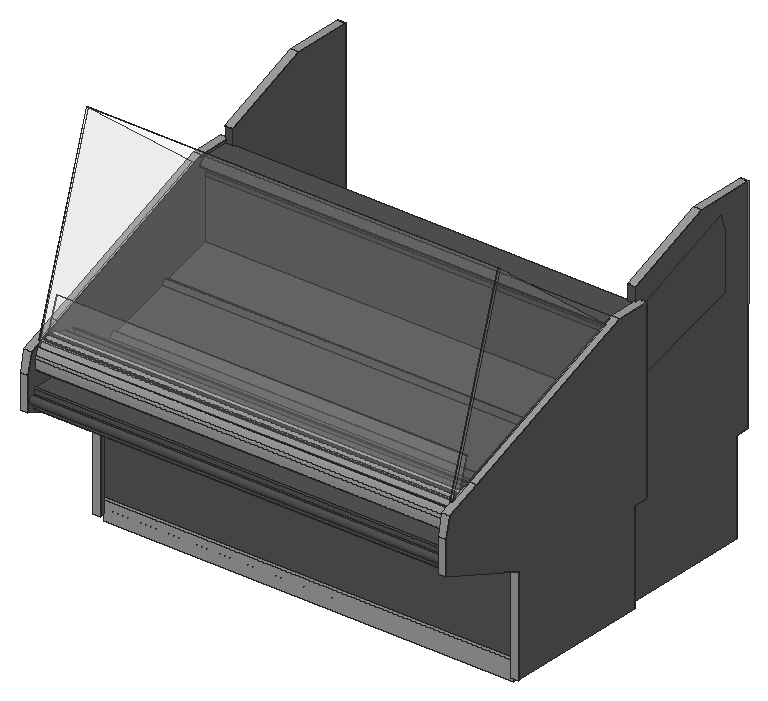
Revit family "DSFI-AG_2014", category Specialty Equipment, Revit 2014
Parameters (values of type "5'-0" Length")
  Width = 60"
  Waste Drain = 1 1/2"  # constant formula
  URL = "www.hussmann.com"
  Type Comments = "Service / Self Service Seafood"  # constant formula
  Trim = Stainless Steel
  Total Weight = Case Weight + (2 * End Weight)  # 0.00 lbf
  Splashguard = Stainless Steel
  Side Panel - Right [instance] = yes
  Side Panel - Left [instance] = yes
  Shelves = Sheet Metal (Steel Painted) - 701 Black
  Revit Family Date = "08/11/2015"  # constant formula
  Refrigeration Lines Suction = 5/8"  # constant formula
  Refrigeration Lines Liquid = 3/8"  # constant formula
  Refrig. Suction = "Suction"
  Refrig. Liquid = "Liquid"
  Note from Manufacturer = "This model only comes in 2'-0\", 3'-0\", 4'-0\", and 5'-0\" length."
  Model URL = "http://www.hussmann.com/en/product%20viewer/display-cases/DSF,%20DSFI"
  Model = "DSFI"  # constant formula
  Manufacturer Disclaimer = "The information in this file is not intended to be an exact representation of the corresponding Hussmann product.  Further, we reserve the right to change or revise specifications and product design in connection with any feature of our products. Such changes do not entitle the buyer to corresponding changes, improvements, additions, or replacements for equipment previously sold or shipped."  # constant formula
  Manufacturer = "Hussmann Corporation"  # constant formula
  Light [instance] = no
  Height = 45 5/8"  # constant formula
  Glazing = Glass
  Ends = Textured Sheet Metal (Steel Painted) - 701 Black
  End Weight = 0.00 lbf  # constant formula
  Door Frame = Stainless Steel
  Description = "Medium Depth Service Merchandiser for Fresh Seafood Applications"  # constant formula
  Depth = 55 7/8"  # constant formula
  Cutsheet URL = "http://www.hussmann.com/en/Technical%20Documents/DSF_102013_En.pdf"
  Close Off Panel = Textured Sheet Metal (Steel Painted) - 701 Black
  Case Weight = 0.00 lbf
  Case Interior - Side Panel = Sheet Metal (Steel Painted) - 701 Black
  Case Interior - Back Panel = Sheet Metal (Steel Painted) - 701 Black
  Case = Textured Sheet Metal (Steel Painted) - 701 Black
  Bumper = Extruded PVC - 701 Black
  Assembly Code = ""
  Angled Side Panel - Right [instance] = yes
  Angled Side Panel - Left [instance] = yes
  Accessories/Options = ""
Types (4): name | Width
  2'-0" Length | 24"
  3'-0" Length | 36"
  4'-0" Length | 48"
  5'-0" Length | 60"
Reference planes (in)
  plane 1 "Back": y = 0
  plane 2 "Bottom": z = 0
  plane 3 "Top": z = 45.625
  plane 4 "Left": x = -77.30699
  plane 5 "Front": y = -55.875
  plane 6 "Center (Left/Right)": x = -47.30699
  plane 7 "Right": x = -17.30699
  plane 8: y = -20
  plane 9: x = -76.18199
  plane 10: x = -18.43199
  plane 11: x = -16.18199
  plane 12: x = -78.43199
Forms (in)
  Extrusion 1, solid, material "Metal - Copper"
    sketch origin (63.3125, 1.04319, 0) x (1, 0, 0) y (0, 1, 0)
      loop
        circle (-110.61949, -25.79319) r 0.625
      loop
        arc (-110.61949, -26.37839) -> (-110.20569, -26.20699) -> (-110.03429, -25.79319) r 0.5852
        arc (-110.03429, -25.79319) -> (-110.20569, -25.37939) -> (-110.61949, -25.20799) r 0.5852
        arc (-110.61949, -25.20799) -> (-111.03329, -25.37939) -> (-111.20469, -25.79319) r 0.5852
        arc (-111.20469, -25.79319) -> (-111.03329, -26.20699) -> (-110.61949, -26.37839) r 0.5852
    from 14.6845 to 0
  Extrusion 2, solid, material "Textured Sheet Metal (Steel Painted) - 701 Black" <- "Case"
    sketch origin (-47.30699, 0, 0) x (0, 1, 0) y (0, 0, 1)
      loop
        arc (-24.83381, 38.88201) -> (-24.84545, 38.85617) -> (-24.83705, 38.8291) r 0.04
        line (-24.83705, 38.8291) -> (-24.63256, 38.56737) -> (-23.8815, 38.56737) -> (-23.8815, 37.73709) -> (-23.71075, 37.02406) -> (-23.71075, 24.17311) -> (-21.664, 24.17311) -> (-21.664, 17.24909) -> (-23.01848, 17.22162) -> (-23.01848, 16.77724) -> (-26.95598, 16.77724) -> (-26.95598, 17.23414) -> (-41.48302, 17.74647) -> (-49.4473, 21.1271)
        arc (-49.4473, 21.1271) -> (-49.46059, 21.13816) -> (-49.46558, 21.15472) r 0.03
        line (-49.46558, 21.15472) -> (-49.46558, 27.03985) -> (-49.40419, 27.03375) -> (-49.38226, 27.28432) -> (-49.38226, 28.14614)
        arc (-49.38226, 28.14614) -> (-49.3971, 28.18748) -> (-49.43484, 28.20995) r 0.065
        line (-49.43484, 28.20995) -> (-51.24815, 28.56307) -> (-51.24815, 24.17402) -> (-51.31227, 24.17402) -> (-51.31227, 23) -> (-54.8155, 23)
        arc (-54.8155, 23) -> (-54.93783, 22.94933) -> (-54.9885, 22.827) r 0.173
        line (-54.9885, 22.827) -> (-54.9885, 20.2589)
        arc (-54.9885, 20.2589) -> (-54.98127, 20.23596) -> (-54.96218, 20.22131) r 0.04
        line (-54.96218, 20.22131) -> (-52.47331, 19.31544) -> (-52.41455, 19.47688) -> (-41.12442, 14.6845) -> (-21.535, 14.6845) -> (-21.535, 16.1845) -> (-20.035, 16.1845) -> (-20.035, 14.5595) -> (-20.535, 14.5595) -> (-20.535, 14.5245) -> (-20.035, 14.5245)
        arc (-20.035, 14.5245) -> (-20.01025, 14.53475) -> (-20, 14.5595) r 0.035
        line (-20, 14.5595) -> (-20, 35.78652) -> (-19.88, 35.78652) -> (-19.88, 39.73945)
        arc (-19.88, 39.73945) -> (-19.89172, 39.76773) -> (-19.92, 39.77945) r 0.04
        line (-19.92, 39.77945) -> (-23.93623, 39.77945) -> (-24.83381, 38.88201)
    from 30 to -30
  Extrusion 3, solid, material "Sheet Metal (Steel Painted) - 701 Black" <- "Shelves"
    sketch origin (-47.30699, 0, 0) x (0, 1, 0) y (0, 0, 1)
      loop
        line (-41.19832, 23.49654) -> (-43.99815, 22.6937) -> (-46.94421, 24.39461)
        arc (-46.94421, 24.39461) -> (-46.9635, 24.40261) -> (-46.98421, 24.40533) r 0.08
        line (-46.98421, 24.40533) -> (-47.72215, 24.40533) -> (-47.72215, 27.8125) -> (-48.07156, 27.89699) -> (-48.08284, 27.85034) -> (-47.77015, 27.77472) -> (-47.77015, 24.34277) -> (-49.46558, 24.34277) -> (-49.46558, 24.15527) -> (-46.90465, 24.15527) -> (-44.02297, 22.49153) -> (-23.71075, 28.31597) -> (-23.71075, 28.51102) -> (-30.43328, 26.58337) -> (-31.22918, 27.02455) -> (-31.67036, 26.22864) -> (-39.96124, 23.85127) -> (-40.75714, 24.29245) -> (-41.19832, 23.49654)
    from 30 to -30
  Extrusion 4, solid, material "Stainless Steel" <- "Door Frame"
    sketch origin (-47.30699, 0, 0) x (0, 1, 0) y (0, 0, 1)
      loop
        arc (-54.27971, 28.0768) -> (-54.54483, 27.67871) -> (-54.74164, 27.24278) r 2.92923
        arc (-54.74164, 27.24278) -> (-54.80893, 26.99713) -> (-54.83876, 26.74418) r 1.7
        arc (-54.83876, 26.74418) -> (-54.83124, 26.00798) -> (-54.74644, 25.27664) r 7
        arc (-54.74644, 25.27664) -> (-54.73588, 25.25814) -> (-54.71588, 25.25082) r 0.031
        line (-54.71588, 25.25082) -> (-51.24815, 25.25082) -> (-51.24815, 28.3709) -> (-51.30565, 28.3709) -> (-51.30565, 28.8335) -> (-51.34502, 28.8335)
        arc (-51.34502, 28.8335) -> (-51.33489, 28.8539) -> (-51.34142, 28.87573) r 0.03104
        arc (-51.34142, 28.87573) -> (-51.67966, 28.9398) -> (-52.01791, 28.87573) r 0.92486
        arc (-52.01791, 28.87573) -> (-52.02444, 28.8539) -> (-52.01431, 28.8335) r 0.03104
        line (-52.01431, 28.8335) -> (-52.09459, 28.8335) -> (-52.13242, 28.72362) -> (-52.13242, 28.14452)
        arc (-52.13242, 28.14452) -> (-52.13819, 28.1306) -> (-52.15211, 28.12484) r 0.01969
        line (-52.15211, 28.12484) -> (-52.61155, 28.12484)
        arc (-52.61155, 28.12484) -> (-52.67229, 28.16542) -> (-52.65804, 28.23707) r 0.06575
        arc (-52.65804, 28.23707) -> (-52.58365, 28.44728) -> (-52.70028, 28.63733) r 0.25886
        arc (-52.70028, 28.63733) -> (-52.71809, 28.66695) -> (-52.70566, 28.69921) r 0.03937
        arc (-52.70566, 28.69921) -> (-52.62057, 28.74055) -> (-52.52704, 28.75476) r 0.31496
        line (-52.52704, 28.75476) -> (-52.47346, 28.75476)
        arc (-52.47346, 28.75476) -> (-52.45828, 28.75962) -> (-52.44874, 28.7724) r 0.02615
        line (-52.44874, 28.7724) -> (-52.436, 28.80939)
        arc (-52.436, 28.80939) -> (-52.43839, 28.82587) -> (-52.4532, 28.8335) r 0.01819
        line (-52.4532, 28.8335) -> (-53.30118, 28.8335)
        arc (-53.30118, 28.8335) -> (-53.32001, 28.82975) -> (-53.33597, 28.81908) r 0.04921
        line (-53.33597, 28.81908) -> (-53.39753, 28.75752)
        arc (-53.39753, 28.75752) -> (-53.4082, 28.74156) -> (-53.41195, 28.72273) r 0.04921
        line (-53.41195, 28.72273) -> (-53.41195, 28.68586) -> (-53.53006, 28.68586)
        arc (-53.53006, 28.68586) -> (-53.61116, 28.67192) -> (-53.68295, 28.6317) r 0.24288
        line (-53.68295, 28.6317) -> (-54.26327, 26.84564) -> (-54.56282, 26.94297) -> (-54.24042, 27.93081) -> (-54.20032, 28.05423)
        arc (-54.20032, 28.05423) -> (-54.20275, 28.07365) -> (-54.21923, 28.0842) r 0.02304
        line (-54.21923, 28.0842) -> (-54.25112, 28.0884)
        arc (-54.25112, 28.0884) -> (-54.26695, 28.08638) -> (-54.27971, 28.0768) r 0.03125
    from 30 to -30
  Extrusion 5, solid, material "Extruded PVC - 701 Black" <- "Bumper"
    sketch origin (-47.30699, 0, 0) x (0, 1, 0) y (0, 0, 1)
      loop
        arc (-55.3635, 22.25013) -> (-55.926, 21.68763) -> (-55.3635, 21.12513) r 0.5625
        line (-55.3635, 21.12513) -> (-54.9885, 21.12513) -> (-54.9885, 22.25013) -> (-55.3635, 22.25013)
    from 30 to -30
  Extrusion 6, solid, material "Textured Sheet Metal (Steel Painted) - 701 Black" <- "Close Off Panel"
    sketch origin (-47.30699, 0, -0.03125) x (0, 1, 0) y (0, 0, 1)
      loop
        line (-21.90759, 13.89928) -> (-21.92951, 14.14985) -> (-21.96438, 14.1468) -> (-21.94259, 13.89775) -> (-21.94259, 3.16349) -> (-21.90759, 3.16349) -> (-21.90759, 13.89928)
      loop
        line (-42.21942, 15.18055) -> (-42.21942, 0.86215) -> (-42.18442, 0.86215) -> (-42.18442, 15.16569) -> (-42.21942, 15.18055)
    from 30 to -30
  Extrusion 7, solid, material "Stainless Steel" <- "Splashguard"
    sketch origin (-47.30699, 0, -0.03125) x (0, 1, 0) y (0, 0, 1)
      loop
        line (-42.3003, 2.81625) -> (-42.3003, 0.03125) -> (-41.7653, 0.03125) -> (-41.7653, 0.06625) -> (-42.2653, 0.06625) -> (-42.2653, 2.81625) -> (-42.22346, 3.12587) -> (-42.25765, 3.13054) -> (-42.3003, 2.81625)
      loop
        line (-21.95357, 0.50112) -> (-21.6158, 0.09858) -> (-21.23395, 0.03125) -> (-21.22787, 0.06572) -> (-21.59718, 0.13084) -> (-21.91857, 0.51386) -> (-21.91857, 2.88864) -> (-21.94049, 3.14096) -> (-21.97536, 3.13791) -> (-21.95357, 2.88886) -> (-21.95357, 0.50112)
    from 30 to -30
  Extrusion 8, solid, material "Textured Sheet Metal (Steel Painted) - 701 Black" <- "Ends", visible <- "Angled Side Panel - Right"
    sketch origin (-17.30699, 0, 0) x (0, 0, 1) y (0, -1, 0)
      loop
        line (14.37303, -0.54843) -> (46.74598, -0.54843) -> (46.74598, 7.99475) -> (41.96199, 20) -> (0.83628, 20) -> (0.83628, 1.54444) -> (14.37303, 1.54444) -> (14.37303, -0.54843)
    from 0 to -1.125
  Extrusion 9, solid, material "Textured Sheet Metal (Steel Painted) - 701 Black" <- "Ends", visible <- "Angled Side Panel - Left"
    sketch origin (-77.30699, 0, 0) x (0, 1, 0) y (0, 0, 1)
      loop
        line (0.54843, 46.74598) -> (-7.99475, 46.74598) -> (-20, 41.96199) -> (-20, 0.83628) -> (-1.54444, 0.83628) -> (-1.54444, 14.37303) -> (0.54843, 14.37303) -> (0.54843, 46.74598)
    from 1.125 to 0
  Extrusion 10, solid, material "Glass" <- "Glazing"
    sketch origin (-47.30699, 0, -0.03125) x (0, 1, 0) y (0, 0, 1)
      loop
        line (-45.2329, 55.56114) -> (-54.50341, 27.02943) -> (-54.48319, 26.98974) -> (-54.30533, 26.93195) -> (-54.26565, 26.95218) -> (-44.99513, 55.48389) -> (-45.2329, 55.56114)
      loop
        line (-52.58841, 28.27709) -> (-52.564, 28.22704) -> (-52.4151, 28.17577) -> (-52.36506, 28.20018) -> (-50.59622, 33.33725) -> (-50.81957, 33.41415) -> (-52.58841, 28.27709)
    from 30 to -30
  Extrusion 11, solid, material "Textured Sheet Metal (Steel Painted) - 701 Black" <- "Case", visible <- "Light"
    sketch origin (-47.30699, 0, 0) x (0, 1, 0) y (0, 0, 1)
      loop
        line (-50.7523, 18.7713) -> (-50.8003, 18.79167) -> (-50.8003, 15.1493) -> (-50.42133, 15.1493) -> (-50.42133, 15.31702) -> (-50.46821, 15.31702) -> (-50.46821, 15.19617) -> (-50.7523, 15.19617) -> (-50.7523, 18.7713)
    from 30 to -30
  Sweep 12, solid, material "Stainless Steel" <- "Trim", visible <- "Angled Side Panel - Left"
    path origin (-77.30699, 0, 0) x (0, 1, 0) y (0, 0, 1)
      loop
        line (-1.54444, 0.83628) -> (-1.54444, 14.37303) -> (0.54843, 14.37303) -> (0.54843, 46.74598) -> (-7.99475, 46.74598) -> (-20, 41.96199)
    profile origin (-77.30699, -1.54444, 7.60466) x (0, -1, 0) y (1, 0, 0)
      loop
        line (0, 0) -> (0, 1.125) -> (-0.03125, 1.125) -> (-0.03125, 0) -> (0, 0)
  Sweep 13, solid, material "Stainless Steel" <- "Trim", visible <- "Angled Side Panel - Right"
    path origin (-17.30699, 0, 0) x (0, 0, 1) y (0, -1, 0)
      loop
        line (0.83628, 1.54444) -> (14.37303, 1.54444) -> (14.37303, -0.54843) -> (46.74598, -0.54843) -> (46.74598, 7.99475) -> (41.96199, 20)
    profile origin (-17.30699, -1.54444, 7.60466) x (0, -1, 0) y (1, 0, 0)
      loop
        line (0, 0) -> (-0.03125, 0) -> (-0.03125, -1.125) -> (0, -1.125) -> (0, 0)
  Extrusion 14, solid, material "Sheet Metal (Steel Painted) - 701 Black" <- "Case Interior - Side Panel", visible <- "Angled Side Panel - Left"
    sketch origin (-77.30699, 0, 0) x (0, 1, 0) y (0, 0, 1)
      loop
        line (-23.71075, 28.31597) -> (-3.71075, 34.05087) -> (-3.71075, 42.45579) -> (-3.8611, 42.41551) -> (-4.40137, 44.43177) -> (-23.71075, 37.02406) -> (-23.71075, 28.31597)
    from 0 to -0.03125
  Extrusion 15, solid, material "Sheet Metal (Steel Painted) - 701 Black" <- "Case Interior - Side Panel", visible <- "Angled Side Panel - Right"
    sketch origin (-17.30699, 0, 0) x (0, 0, 1) y (0, -1, 0)
      loop
        line (28.31597, 23.71075) -> (34.05087, 3.71075) -> (42.45579, 3.71075) -> (42.41551, 3.8611) -> (44.43177, 4.40137) -> (37.02406, 23.71075) -> (28.31597, 23.71075)
    from 0.03125 to 0
  Extrusion 16, solid, material "Sheet Metal (Steel Painted) - 701 Black" <- "Case Interior - Back Panel"
    sketch origin (-47.30699, 0, 0) x (0, 1, 0) y (0, 0, 1)
      loop
        line (-23.71075, 28.31597) -> (-23.71075, 37.02406) -> (-23.742, 37.01207) -> (-23.742, 28.30701) -> (-23.71075, 28.31597)
    from 30 to -30
  Extrusion 17, solid, material "Textured Sheet Metal (Steel Painted) - 701 Black" <- "Ends", visible <- "Side Panel - Left"
    sketch origin (-77.30699, 0, 0) x (0, 1, 0) y (0, 0, 1)
      loop
        line (-24.38164, 40.03148) -> (-50.47061, 29.79581) -> (-55.39477, 27.91076)
        arc (-55.39477, 27.91076) -> (-55.74195, 26.46227) -> (-56.03853, 25.00258) r 42.8148
        line (-56.03853, 25.00258) -> (-56.03853, 20.16456) -> (-42.8003, 14.97589) -> (-42.8003, 0.83628) -> (-21.55728, 0.83628) -> (-21.55728, 14.37303) -> (-19.46442, 14.37303) -> (-19.46442, 40.03148) -> (-24.38164, 40.03148)
    from 0 to -1.125
  Extrusion 18, solid, material "Textured Sheet Metal (Steel Painted) - 701 Black" <- "Ends", visible <- "Side Panel - Right"
    sketch origin (-16.18199, 0, 0) x (0, 1, 0) y (0, 0, 1)
      loop
        line (-24.38164, 40.03148) -> (-50.47061, 29.79581) -> (-55.39477, 27.91076)
        arc (-55.39477, 27.91076) -> (-55.74195, 26.46227) -> (-56.03853, 25.00258) r 42.8148
        line (-56.03853, 25.00258) -> (-56.03853, 20.16456) -> (-42.8003, 14.97589) -> (-42.8003, 0.83628) -> (-21.55728, 0.83628) -> (-21.55728, 14.37303) -> (-19.46442, 14.37303) -> (-19.46442, 40.03148) -> (-24.38164, 40.03148)
    from 0 to -1.125
  Extrusion 19, solid, material "Glass", visible <- "Side Panel - Left"
    sketch origin (-77.30699, 0, 0) x (0, 1, 0) y (0, 0, 1)
      loop
        line (-45.02894, 55.34858) -> (-53.73703, 28.54784) -> (-25.64619, 39.56892) -> (-45.02894, 55.34858)
    from 0 to -0.25
  Extrusion 20, solid, material "Glass", visible <- "Side Panel - Right"
    sketch origin (-16.61949, 0, 0) x (0, 1, 0) y (0, 0, 1)
      loop
        line (-45.02894, 55.34858) -> (-53.73703, 28.54784) -> (-25.64619, 39.56892) -> (-45.02894, 55.34858)
    from -0.71875 to -0.4375
  Extrusion 21, solid, material "Stainless Steel" <- "Trim", visible <- "Side Panel - Left"
    sketch origin (-78.43199, 0, 0) x (0, -1, 0) y (0, 0, 1)
      loop
        line (24.38164, 40.03148) -> (50.47061, 29.79581) -> (55.39477, 27.91076)
        arc (55.39477, 27.91076) -> (55.74195, 26.46227) -> (56.03853, 25.00258) r 42.8148
        line (56.03853, 25.00258) -> (56.03853, 20.16456) -> (42.8003, 14.97589) -> (42.8003, 0.80503) -> (42.83155, 0.80503) -> (42.83155, 14.95458) -> (56.06978, 20.14324) -> (56.06978, 25.00544)
        arc (56.06978, 25.00544) -> (55.77103, 26.47549) -> (55.42099, 27.93419) r 42.84605
        line (55.42099, 27.93419) -> (50.4819, 29.82495) -> (24.38755, 40.06273) -> (19.43317, 40.06273) -> (19.43317, 14.34178) -> (21.52603, 14.34178) -> (21.52603, 0.80503) -> (21.55728, 0.80503) -> (21.55728, 14.37303) -> (19.46442, 14.37303) -> (19.46442, 40.03148) -> (24.38164, 40.03148)
    from 0 to -1.125
  Extrusion 22, solid, material "Stainless Steel" <- "Trim", visible <- "Side Panel - Right"
    sketch origin (-53.30699, 0, 0) x (0, -1, 0) y (0, 0, 1)
      loop
        line (24.38164, 40.03148) -> (50.47061, 29.79581) -> (55.39477, 27.91076)
        arc (55.39477, 27.91076) -> (55.74195, 26.46227) -> (56.03853, 25.00258) r 42.8148
        line (56.03853, 25.00258) -> (56.03853, 20.16456) -> (42.8003, 14.97589) -> (42.8003, 0.80503) -> (42.83155, 0.80503) -> (42.83155, 14.95458) -> (56.06978, 20.14324) -> (56.06978, 25.00544)
        arc (56.06978, 25.00544) -> (55.77103, 26.47549) -> (55.42099, 27.93419) r 42.84605
        line (55.42099, 27.93419) -> (50.4819, 29.82495) -> (24.38755, 40.06273) -> (19.43317, 40.06273) -> (19.43317, 14.34178) -> (21.52603, 14.34178) -> (21.52603, 0.80503) -> (21.55728, 0.80503) -> (21.55728, 14.37303) -> (19.46442, 14.37303) -> (19.46442, 40.03148) -> (24.38164, 40.03148)
    from -36 to -37.125
  Extrusion 23, solid, material "Sheet Metal (Steel Painted) - 701 Black" <- "Case Interior - Side Panel", visible <- "Side Panel - Left"
    sketch origin (-77.30699, 0, 0) x (0, 1, 0) y (0, 0, 1)
      loop
        line (-25.02402, 39.77945) -> (-51.24815, 29.49075) -> (-51.24815, 24.15527) -> (-46.90465, 24.15527) -> (-44.02297, 22.49153) -> (-23.71075, 28.31597) -> (-23.71075, 37.02406) -> (-23.8815, 37.73709) -> (-23.8815, 38.56737) -> (-24.63256, 38.56737) -> (-24.83705, 38.8291)
        arc (-24.83705, 38.8291) -> (-24.84545, 38.85617) -> (-24.83381, 38.88201) r 0.04
        line (-24.83381, 38.88201) -> (-23.93623, 39.77945) -> (-25.02402, 39.77945)
    from 0 to 0.03125
  Extrusion 24, solid, material "Sheet Metal (Steel Painted) - 701 Black" <- "Case Interior - Side Panel", visible <- "Side Panel - Right"
    sketch origin (-17.33824, 0, 0) x (0, 1, 0) y (0, 0, 1)
      loop
        line (-25.02402, 39.77945) -> (-51.24815, 29.49075) -> (-51.24815, 24.15527) -> (-46.90465, 24.15527) -> (-44.02297, 22.49153) -> (-23.71075, 28.31597) -> (-23.71075, 37.02406) -> (-23.8815, 37.73709) -> (-23.8815, 38.56737) -> (-24.63256, 38.56737) -> (-24.83705, 38.8291)
        arc (-24.83705, 38.8291) -> (-24.84545, 38.85617) -> (-24.83381, 38.88201) r 0.04
        line (-24.83381, 38.88201) -> (-23.93623, 39.77945) -> (-25.02402, 39.77945)
    from 0 to 0.03125
  Sweep 25, solid, material "Stainless Steel"
    path origin (0, 0, 0) x (1, 0, 0) y (0, 1, 0)
      loop
        line (-17.30699, -41.23412) -> (-77.30699, -41.23412)
    profile origin (-47.30699, -41.23412, 0) x (0, -1, 0) y (0, 0, 1)
      loop
        line (-0.891, 0.766) -> (-0.0785, 0.766)
        arc (-0.0785, 0.766) -> (-0.02299, 0.78899) -> (0, 0.8445) r 0.0785
        line (0, 0.8445) -> (0, 1.657) -> (-0.0785, 1.657) -> (-0.0785, 0.8445) -> (-0.891, 0.8445)
        arc (-0.891, 0.8445) -> (-0.94651, 0.82151) -> (-0.9695, 0.766) r 0.0785
        line (-0.9695, 0.766) -> (-0.9695, 0.0785) -> (-2.657, 0.0785) -> (-2.657, 0.766)
        arc (-2.657, 0.766) -> (-2.67999, 0.82151) -> (-2.7355, 0.8445) r 0.0785
        line (-2.7355, 0.8445) -> (-3.4855, 0.8445) -> (-3.4855, 0.766) -> (-2.7355, 0.766) -> (-2.7355, 0.0785)
        arc (-2.7355, 0.0785) -> (-2.71251, 0.02299) -> (-2.657, 0) r 0.0785
        line (-2.657, 0) -> (-0.9695, 0)
        arc (-0.9695, 0) -> (-0.91399, 0.02299) -> (-0.891, 0.0785) r 0.0785
        line (-0.891, 0.0785) -> (-0.891, 0.766)
  Sweep 26, solid, material "Stainless Steel"
    path origin (-124.61397, -20, 0) x (-1, 0, 0) y (0, 1, 0)
      loop
        line (-107.30699, -1.95376) -> (-47.30699, -1.95376)
    profile origin (-47.30699, -21.95376, 0) x (0, -1, 0) y (0, 0, 1)
      loop
        line (0.891, 0.766) -> (0.891, 0.0785)
        arc (0.891, 0.0785) -> (0.91399, 0.02299) -> (0.9695, 0) r 0.0785
        line (0.9695, 0) -> (2.657, 0)
        arc (2.657, 0) -> (2.71251, 0.02299) -> (2.7355, 0.0785) r 0.0785
        line (2.7355, 0.0785) -> (2.7355, 0.766) -> (3.4855, 0.766) -> (3.4855, 0.8445) -> (2.7355, 0.8445)
        arc (2.7355, 0.8445) -> (2.67999, 0.82151) -> (2.657, 0.766) r 0.0785
        line (2.657, 0.766) -> (2.657, 0.0785) -> (0.9695, 0.0785) -> (0.9695, 0.766)
        arc (0.9695, 0.766) -> (0.94651, 0.82151) -> (0.891, 0.8445) r 0.0785
        line (0.891, 0.8445) -> (0.0785, 0.8445) -> (0.0785, 1.657) -> (0, 1.657) -> (0, 0.8445)
        arc (0, 0.8445) -> (0.02299, 0.78899) -> (0.0785, 0.766) r 0.0785
        line (0.0785, 0.766) -> (0.891, 0.766)
Lines and regions (in)
  reference lines
    curve 1: line (-47.30699, -55.875, 0) -> (-47.30699, 0, 0)
    curve 2: line (-77.30699, -24.75, 0) -> (-17.30699, -24.75, 0)
Dimensions and locks (in)
  equal spacing: plane 4 "Left", plane 6 "Center (Left/Right)", plane 7 "Right"
  "Width": plane 4 "Left" to plane 7 "Right"
  "Depth": plane 5 "Front" to plane 1 "Back"
  "Height": plane 3 "Top" to level
  locked: curve 2 to plane 5 "Front" at 31.125
  Extrusion 11 sketch curve to plane 5 "Front" = 5.0747"
  locked: plane 8 to plane 5 "Front" at 35.875
  locked: plane 4 "Left" to plane 9 at 1.125
  locked: plane 10 to plane 7 "Right" at 1.125
  locked: plane 12 to plane 4 "Left" at 1.125
  locked: plane 7 "Right" to plane 11 at 1.125
  locked: plane 4 "Left" to Extrusion 23 at 0.03125
  locked: Extrusion 24 to plane 7 "Right" at 0.03125
  locked: plane 7 "Right" to Extrusion 20 at 0.25
  locked: Extrusion 19 to plane 4 "Left" at 0.25
  nested 1 to plane 5 "Front" = 9"
  nested 1 to level = 17"
  radius of Extrusion 1 sketch curve = 0.5852"
  aligned and locked: plane 5 "Front" to curve 1
  aligned and locked: plane 4 "Left" to curve 2
  aligned and locked: plane 7 "Right" to curve 2
  aligned and locked: curve 2 to Extrusion 1 sketch curve  (x2)
  aligned and locked: curve 1 to Extrusion 1 sketch curve  (x2)
  aligned and locked: Extrusion 1 to level
  aligned and locked: Extrusion 2 to plane 4 "Left"
  aligned and locked: plane 7 "Right" to Extrusion 2
  aligned and locked: Extrusion 3 to plane 4 "Left"
  aligned and locked: plane 7 "Right" to Extrusion 3
  aligned and locked: Extrusion 4 to plane 4 "Left"
  aligned and locked: plane 7 "Right" to Extrusion 4
  aligned and locked: Extrusion 5 to plane 4 "Left"
  aligned and locked: plane 7 "Right" to Extrusion 5
  aligned and locked: Extrusion 6 to plane 4 "Left"
  aligned and locked: plane 7 "Right" to Extrusion 6
  aligned and locked: Extrusion 7 to plane 4 "Left"
  aligned and locked: plane 7 "Right" to Extrusion 7
  aligned and locked: Extrusion 10 to plane 4 "Left"
  aligned and locked: plane 7 "Right" to Extrusion 10
  aligned and locked: Extrusion 11 to plane 4 "Left"
  aligned and locked: plane 7 "Right" to Extrusion 11
  aligned and locked: plane 4 "Left" to nested 1
  aligned and locked: Sweep 12 sketch curve to plane 4 "Left"
  aligned and locked: profile plane to Sweep 13 sketch curve
  aligned and locked: Extrusion 16 to plane 4 "Left"
  aligned and locked: plane 7 "Right" to Extrusion 16
  aligned and locked: curve 1 to plane 6 "Center (Left/Right)"
  aligned and locked: Sweep 13 to plane 7 "Right"
  aligned and locked: plane 9 to Extrusion 9
  aligned and locked: Extrusion 9 to plane 4 "Left"
  aligned and locked: plane 10 to Extrusion 8
  aligned and locked: Extrusion 17 to plane 12
  aligned and locked: plane 12 to Extrusion 17
  aligned and locked: Extrusion 17 to plane 4 "Left"
  aligned and locked: Extrusion 18 to plane 11
  aligned and locked: plane 7 "Right" to Extrusion 18
  aligned and locked: Extrusion 21 to Extrusion 17  (x2)
  aligned and locked: Extrusion 22 to Extrusion 18  (x2)
  aligned and locked: Extrusion 22 to plane 7 "Right"
  aligned and locked: Extrusion 24 to Extrusion 18
  aligned and locked: Extrusion 24 to Extrusion 20
Automatic sketch dimensions
  Extrusion 1 sketch curve to Extrusion 1 sketch curve = 0"  (x2)
  plane 1 "Back" to curve 1 = 0"
  Extrusion 2 sketch curve to plane 8 = 0"
  plane 8 to Extrusion 2 sketch curve = 0.035"
  Extrusion 2 sketch curve to Extrusion 2 sketch curve = 0"
  Extrusion 2 sketch curve to Extrusion 2 sketch curve = 1/2"
  Extrusion 2 sketch curve to Extrusion 2 sketch curve = 1 1/2"
  plane 8 to Extrusion 2 sketch curve = 1.664"
  Extrusion 2 sketch curve to Extrusion 2 sketch curve = 1.35448"
  plane 8 to Extrusion 2 sketch curve = 3.71075"
  Extrusion 2 sketch curve to Extrusion 2 sketch curve = 0.17075"
  Extrusion 2 sketch curve to Extrusion 2 sketch curve = 0.05472"
  Extrusion 2 sketch curve to Extrusion 2 sketch curve = 0.75106"
  Extrusion 2 sketch curve to Extrusion 2 sketch curve = 0.17296"
  Extrusion 2 sketch curve to Extrusion 2 sketch curve = 0.02828"
  Extrusion 2 sketch curve to Extrusion 2 sketch curve = 0.03152"
  Extrusion 2 sketch curve to Extrusion 2 sketch curve = 3 15/16"
  Extrusion 2 sketch curve to Extrusion 2 sketch curve = 14.16844"
  Extrusion 2 sketch curve to Extrusion 2 sketch curve = 0.3586"
  plane 5 "Front" to Extrusion 2 sketch curve = 6.49274"
  Extrusion 2 sketch curve to Extrusion 2 sketch curve = 0.02192"
  Extrusion 2 sketch curve to Extrusion 2 sketch curve = 0.05258"
  Extrusion 2 sketch curve to Extrusion 2 sketch curve = 0.03139"
  Extrusion 2 sketch curve to Extrusion 2 sketch curve = 0.065"
  Extrusion 2 sketch curve to Extrusion 2 sketch curve = 3/256"
  Extrusion 2 sketch curve to Extrusion 2 sketch curve = 0.03"
  Extrusion 2 sketch curve to Extrusion 2 sketch curve = 1.81331"
  Extrusion 2 sketch curve to Extrusion 2 sketch curve = 0.06412"
  Extrusion 2 sketch curve to Extrusion 2 sketch curve = 2.94897"
  Extrusion 2 sketch curve to Extrusion 2 sketch curve = 0.05876"
  plane 5 "Front" to Extrusion 2 sketch curve = 1.0595"
  plane 5 "Front" to Extrusion 2 sketch curve = 0.9265"
  Extrusion 2 sketch curve to Extrusion 2 sketch curve = 0.01368"
  Extrusion 2 sketch curve to Extrusion 2 sketch curve = 0.04"
  Extrusion 2 sketch curve to plane 8 = 0.08"
  Extrusion 2 sketch curve to Extrusion 2 sketch curve = 0.12"
  level to Extrusion 2 sketch curve = 14.5245"
  Extrusion 2 sketch curve to Extrusion 2 sketch curve = 0.035"
  level to Extrusion 2 sketch curve = 14.6845"
  Extrusion 2 sketch curve to Extrusion 2 sketch curve = 1 5/8"
  Extrusion 2 sketch curve to Extrusion 2 sketch curve = 0.59274"
  Extrusion 2 sketch curve to Extrusion 2 sketch curve = 0.44438"
  Extrusion 2 sketch curve to Extrusion 2 sketch curve = 0.4569"
  Extrusion 2 sketch curve to Extrusion 2 sketch curve = 1.06459"
  Extrusion 2 sketch curve to Extrusion 2 sketch curve = 3.06197"
  Extrusion 2 sketch curve to Extrusion 2 sketch curve = 1.56897"
  Extrusion 2 sketch curve to Extrusion 2 sketch curve = 0.16144"
  Extrusion 2 sketch curve to Extrusion 2 sketch curve = 1.65023"
  Extrusion 2 sketch curve to Extrusion 2 sketch curve = 2.5681"
  Extrusion 2 sketch curve to Extrusion 2 sketch curve = 6.95148"
  Extrusion 2 sketch curve to Extrusion 2 sketch curve = 1.17402"
  Extrusion 2 sketch curve to Extrusion 2 sketch curve = 2.85973"
  Extrusion 2 sketch curve to Extrusion 2 sketch curve = 0.00609"
  Extrusion 2 sketch curve to Extrusion 2 sketch curve = 0.25057"
  Extrusion 2 sketch curve to Extrusion 2 sketch curve = 0.86182"
  Extrusion 2 sketch curve to Extrusion 2 sketch curve = 0.35312"
  plane 3 "Top" to Extrusion 2 sketch curve = 9.83848"
  Extrusion 2 sketch curve to Extrusion 2 sketch curve = 1.23753"
  Extrusion 2 sketch curve to Extrusion 2 sketch curve = 0.71304"
  Extrusion 2 sketch curve to Extrusion 2 sketch curve = 0.83028"
  Extrusion 2 sketch curve to Extrusion 2 sketch curve = 67/256"
  Extrusion 2 sketch curve to Extrusion 2 sketch curve = 0.02463"
  Extrusion 2 sketch curve to Extrusion 2 sketch curve = 3.95292"
  plane 5 "Front" to Extrusion 4 sketch curve = 1.15912"
  plane 5 "Front" to Extrusion 4 sketch curve = 1.31218"
  Extrusion 4 sketch curve to Extrusion 4 sketch curve = 0.29955"
  Extrusion 4 sketch curve to Extrusion 4 sketch curve = 0.30762"
  Extrusion 4 sketch curve to Extrusion 4 sketch curve = 0.00408"
  Extrusion 4 sketch curve to Extrusion 4 sketch curve = 0.01478"
  Extrusion 4 sketch curve to Extrusion 4 sketch curve = 0.03296"
  Extrusion 4 sketch curve to Extrusion 4 sketch curve = 0.00301"
  Extrusion 4 sketch curve to Extrusion 4 sketch curve = 0.02192"
  Extrusion 4 sketch curve to Extrusion 4 sketch curve = 0.53629"
  Extrusion 4 sketch curve to Extrusion 4 sketch curve = 0.15289"
  Extrusion 4 sketch curve to Extrusion 4 sketch curve = 0.11811"
  Extrusion 4 sketch curve to Extrusion 4 sketch curve = 0.01441"
  Extrusion 4 sketch curve to Extrusion 4 sketch curve = 0.0348"  (x4)
  Extrusion 4 sketch curve to Extrusion 4 sketch curve = 0.06156"  (x2)
  Extrusion 4 sketch curve to Extrusion 4 sketch curve = 1.12299"
  Extrusion 4 sketch curve to Extrusion 4 sketch curve = 0.46009"
  Extrusion 4 sketch curve to Extrusion 4 sketch curve = 0.16221"
  Extrusion 4 sketch curve to Extrusion 4 sketch curve = 0.22953"  (x2)
  Extrusion 4 sketch curve to Extrusion 4 sketch curve = 0.15183"
  Extrusion 4 sketch curve to Extrusion 4 sketch curve = 0.05358"
  Extrusion 4 sketch curve to Extrusion 4 sketch curve = 0.02027"
  Extrusion 4 sketch curve to Extrusion 4 sketch curve = 0"  (x5)
  Extrusion 4 sketch curve to Extrusion 4 sketch curve = 0.02473"
  Extrusion 4 sketch curve to Extrusion 4 sketch curve = 0.0172"
  Extrusion 4 sketch curve to Extrusion 4 sketch curve = 0.45945"
  Extrusion 4 sketch curve to Extrusion 4 sketch curve = 0.30358"
  Extrusion 4 sketch curve to Extrusion 4 sketch curve = 0.03783"
  Extrusion 4 sketch curve to Extrusion 4 sketch curve = 0.08028"
  Extrusion 4 sketch curve to Extrusion 4 sketch curve = 0.0208"  (x2)
  Extrusion 4 sketch curve to Extrusion 4 sketch curve = 1.1579"
  Extrusion 4 sketch curve to Extrusion 4 sketch curve = 0.45276"
  Extrusion 4 sketch curve to Extrusion 4 sketch curve = 0.62769"
  Extrusion 4 sketch curve to Extrusion 4 sketch curve = 0.03937"
  Extrusion 4 sketch curve to Extrusion 4 sketch curve = 0.0575"
  Extrusion 4 sketch curve to Extrusion 4 sketch curve = 3.4031"
  plane 3 "Top" to Extrusion 4 sketch curve = 20.37418"
  Extrusion 4 sketch curve to Extrusion 4 sketch curve = 0.031"
  Extrusion 4 sketch curve to Extrusion 4 sketch curve = 1.00866"
  Extrusion 4 sketch curve to Extrusion 4 sketch curve = 1.19661"
  Extrusion 4 sketch curve to Extrusion 4 sketch curve = 0.41263"
  Extrusion 4 sketch curve to Extrusion 4 sketch curve = 0.17353"
  Extrusion 4 sketch curve to Extrusion 4 sketch curve = 0.09733"
  Extrusion 4 sketch curve to Extrusion 4 sketch curve = 0.70089"
  Extrusion 4 sketch curve to Extrusion 4 sketch curve = 1.75546"
  Extrusion 4 sketch curve to Extrusion 4 sketch curve = 0.12342"
  Extrusion 4 sketch curve to Extrusion 4 sketch curve = 0.00318"
  Extrusion 4 sketch curve to Extrusion 4 sketch curve = 0.00712"
  Extrusion 4 sketch curve to Extrusion 4 sketch curve = 0.03098"
  Extrusion 4 sketch curve to Extrusion 4 sketch curve = 0.1099"
  Extrusion 4 sketch curve to Extrusion 4 sketch curve = 0.06575"
  Extrusion 4 sketch curve to Extrusion 4 sketch curve = 0.35596"
  Extrusion 4 sketch curve to Extrusion 4 sketch curve = 0.20273"
  Extrusion 4 sketch curve to Extrusion 4 sketch curve = 0.18873"
  Extrusion 4 sketch curve to Extrusion 4 sketch curve = 0.23057"
  Extrusion 4 sketch curve to Extrusion 4 sketch curve = 0.03687"
  Extrusion 4 sketch curve to Extrusion 4 sketch curve = 0.28382"
  Extrusion 4 sketch curve to Extrusion 4 sketch curve = 0.08439"
  Extrusion 4 sketch curve to Extrusion 4 sketch curve = 0.01764"
  Extrusion 4 sketch curve to Extrusion 4 sketch curve = 0.03699"
  Extrusion 4 sketch curve to Extrusion 4 sketch curve = 0.00592"
  Extrusion 4 sketch curve to Extrusion 4 sketch curve = 0.10988"
  Extrusion 4 sketch curve to Extrusion 4 sketch curve = 0.4626"
  Extrusion 4 sketch curve to Extrusion 4 sketch curve = 0.02304"  (x2)
  Extrusion 4 sketch curve to Extrusion 4 sketch curve = 0.17882"
  Extrusion 4 sketch curve to Extrusion 4 sketch curve = 0.0268"
  Extrusion 4 sketch curve to Extrusion 4 sketch curve = 0.0244"
  plane 5 "Front" to Extrusion 5 sketch curve = 0.5115"
  Extrusion 5 sketch curve to Extrusion 5 sketch curve = 3/8"
  level to Extrusion 5 sketch curve = 21.12513"
  Extrusion 5 sketch curve to Extrusion 5 sketch curve = 9/16"
  plane 5 "Front" to Extrusion 6 sketch curve = 13.65558"
  Extrusion 6 sketch curve to Extrusion 6 sketch curve = 0.035"  (x2)
  plane 8 to Extrusion 6 sketch curve = 1.96438"
  Extrusion 6 sketch curve to Extrusion 6 sketch curve = 0.02179"
  Extrusion 6 sketch curve to Extrusion 6 sketch curve = 0.03487"
  level to Extrusion 6 sketch curve = 0.8309"
  level to Extrusion 6 sketch curve = 3.13224"
  Extrusion 6 sketch curve to Extrusion 6 sketch curve = 10.73426"
  Extrusion 6 sketch curve to Extrusion 6 sketch curve = 0.00153"
  Extrusion 6 sketch curve to Extrusion 6 sketch curve = 14.30354"
  Extrusion 6 sketch curve to Extrusion 6 sketch curve = 0.01486"
  Extrusion 7 sketch curve to level = 0"  (x2)
  plane 5 "Front" to Extrusion 7 sketch curve = 13.5747"
  level to Extrusion 7 sketch curve = 2.785"
  Extrusion 7 sketch curve to Extrusion 7 sketch curve = 0.035"  (x2)
  level to Extrusion 7 sketch curve = 3.09929"
  Extrusion 7 sketch curve to Extrusion 7 sketch curve = 0.00765"
  level to Extrusion 7 sketch curve = 3.09462"
  Extrusion 7 sketch curve to Extrusion 7 sketch curve = 0.03419"
  Extrusion 7 sketch curve to Extrusion 7 sketch curve = 1/2"
  plane 8 to Extrusion 7 sketch curve = 1.97536"
  Extrusion 7 sketch curve to Extrusion 7 sketch curve = 0.02179"
  Extrusion 7 sketch curve to Extrusion 7 sketch curve = 0.03487"
  level to Extrusion 7 sketch curve = 0.06733"
  Extrusion 7 sketch curve to Extrusion 7 sketch curve = 0.30277"
  level to Extrusion 7 sketch curve = 0.09959"
  Extrusion 7 sketch curve to Extrusion 7 sketch curve = 0.01862"
  Extrusion 7 sketch curve to Extrusion 7 sketch curve = 0.36323"
  level to Extrusion 7 sketch curve = 0.035"
  level to Extrusion 7 sketch curve = 0.46987"
  Extrusion 7 sketch curve to Extrusion 7 sketch curve = 0.01274"
  Extrusion 7 sketch curve to Extrusion 7 sketch curve = 0"
  Extrusion 7 sketch curve to Extrusion 7 sketch curve = 2.37478"
  Extrusion 7 sketch curve to Extrusion 7 sketch curve = 0.00022"
  Extrusion 7 sketch curve to Extrusion 7 sketch curve = 0.24905"
  Extrusion 8 sketch curve to plane 8 = 0"
  level to Extrusion 8 sketch curve = 0.83628"
  plane 1 "Back" to Extrusion 8 sketch curve = 1.54444"
  Extrusion 8 sketch curve to Extrusion 8 sketch curve = 13.53675"
  plane 3 "Top" to Extrusion 8 sketch curve = 3.66301"
  Extrusion 8 sketch curve to plane 3 "Top" = 1.12098"
  Extrusion 8 sketch curve to plane 1 "Back" = 0.54843"
  plane 1 "Back" to Extrusion 8 sketch curve = 7.99475"
  Extrusion 9 sketch curve to plane 8 = 0"
  Extrusion 9 sketch curve to plane 3 "Top" = 1.12098"
  plane 1 "Back" to Extrusion 9 sketch curve = 7.99475"
  plane 1 "Back" to Extrusion 9 sketch curve = 1.54444"
  Extrusion 9 sketch curve to plane 1 "Back" = 0.54843"
  plane 3 "Top" to Extrusion 9 sketch curve = 3.66301"
  level to Extrusion 9 sketch curve = 14.37303"
  level to Extrusion 9 sketch curve = 0.83628"
  plane 5 "Front" to Extrusion 10 sketch curve = 1.37159"
  Extrusion 10 sketch curve to Extrusion 10 sketch curve = 0.02022"  (x2)
  Extrusion 10 sketch curve to Extrusion 10 sketch curve = 0.17786"
  Extrusion 10 sketch curve to Extrusion 10 sketch curve = 0.03969"  (x2)
  Extrusion 10 sketch curve to Extrusion 10 sketch curve = 1.67724"
  Extrusion 10 sketch curve to Extrusion 10 sketch curve = 0.02441"  (x2)
  Extrusion 10 sketch curve to Extrusion 10 sketch curve = 0.1489"
  Extrusion 10 sketch curve to Extrusion 10 sketch curve = 0.05004"  (x2)
  plane 5 "Front" to Extrusion 10 sketch curve = 5.05543"
  Extrusion 10 sketch curve to Extrusion 10 sketch curve = 0.22335"
  plane 5 "Front" to Extrusion 10 sketch curve = 10.6421"
  Extrusion 10 sketch curve to Extrusion 10 sketch curve = 0.23776"
  plane 3 "Top" to Extrusion 10 sketch curve = 18.7243"
  Extrusion 10 sketch curve to Extrusion 10 sketch curve = 0.05779"
  Extrusion 10 sketch curve to Extrusion 10 sketch curve = 1.2236"
  Extrusion 10 sketch curve to Extrusion 10 sketch curve = 0.05127"
  plane 5 "Front" to Extrusion 11 sketch curve = 5.0747"
  Extrusion 11 sketch curve to Extrusion 11 sketch curve = 0.048"
  Extrusion 11 sketch curve to Extrusion 11 sketch curve = 0.2841"
  Extrusion 11 sketch curve to Extrusion 11 sketch curve = 3/64"  (x2)
  level to Extrusion 11 sketch curve = 15.1493"
  Extrusion 11 sketch curve to Extrusion 11 sketch curve = 0.12085"
  Extrusion 11 sketch curve to Extrusion 11 sketch curve = 3.45427"
  Extrusion 11 sketch curve to Extrusion 11 sketch curve = 0.02037"
  Sweep 12 sketch curve to plane 8 = 0"
  Sweep 12 sketch curve to plane 3 "Top" = 1.12098"
  plane 1 "Back" to Sweep 12 sketch curve = 7.99475"
  plane 1 "Back" to Sweep 12 sketch curve = 1.54444"
  Sweep 12 sketch curve to plane 1 "Back" = 0.54843"
  level to Sweep 12 sketch curve = 14.37303"
  plane 3 "Top" to Sweep 12 sketch curve = 3.66301"
  level to Sweep 12 sketch curve = 0.83628"
  Sweep 12 sketch curve to profile plane = 0"
  Sweep 12 sketch curve to Sweep 12 sketch curve = 1/32"
  Sweep 12 sketch curve to Sweep 12 sketch curve = 1 1/8"
  Sweep 13 sketch curve to plane 8 = 0"
  plane 1 "Back" to Sweep 13 sketch curve = 1.54444"
  level to Sweep 13 sketch curve = 14.37303"
  Sweep 13 sketch curve to plane 3 "Top" = 1.12098"
  Sweep 13 sketch curve to plane 1 "Back" = 0.54843"
  plane 1 "Back" to Sweep 13 sketch curve = 7.99475"
  level to Sweep 13 sketch curve = 0.83628"
  plane 3 "Top" to Sweep 13 sketch curve = 3.66301"
  Sweep 13 sketch curve to profile plane = 0"
  profile plane to Sweep 13 sketch curve = 1/32"
  Sweep 13 sketch curve to plane 7 "Right" = 1 1/8"
  plane 8 to Extrusion 14 sketch curve = 3.71075"
  plane 3 "Top" to Extrusion 14 sketch curve = 1.19323"
  plane 1 "Back" to Extrusion 14 sketch curve = 4.40137"
  Extrusion 14 sketch curve to Extrusion 14 sketch curve = 0.54027"
  Extrusion 14 sketch curve to Extrusion 14 sketch curve = 0.15035"
  Extrusion 14 sketch curve to Extrusion 14 sketch curve = 1.97597"
  Extrusion 14 sketch curve to Extrusion 14 sketch curve = 0.04029"
  plane 3 "Top" to Extrusion 14 sketch curve = 8.60094"
  Extrusion 14 sketch curve to Extrusion 14 sketch curve = 8.36463"
  Extrusion 14 sketch curve to Extrusion 14 sketch curve = 8.70809"
  plane 8 to Extrusion 15 sketch curve = 3.71075"
  plane 3 "Top" to Extrusion 15 sketch curve = 17.30903"
  plane 1 "Back" to Extrusion 15 sketch curve = 3.71075"
  plane 3 "Top" to Extrusion 15 sketch curve = 11.57413"
  plane 3 "Top" to Extrusion 15 sketch curve = 8.60094"
  plane 3 "Top" to Extrusion 15 sketch curve = 3.20949"
  Extrusion 15 sketch curve to Extrusion 15 sketch curve = 0.04029"
  plane 3 "Top" to Extrusion 15 sketch curve = 1.19323"
  Extrusion 15 sketch curve to Extrusion 15 sketch curve = 0.15035"
  Extrusion 15 sketch curve to Extrusion 15 sketch curve = 0.54027"
  plane 8 to Extrusion 16 sketch curve = 3.742"
  Extrusion 16 sketch curve to Extrusion 16 sketch curve = 1/32"
  plane 3 "Top" to Extrusion 16 sketch curve = 17.31799"
  Extrusion 16 sketch curve to Extrusion 16 sketch curve = 0.00896"
  plane 3 "Top" to Extrusion 16 sketch curve = 8.61293"
  Extrusion 16 sketch curve to Extrusion 16 sketch curve = 0.01199"
  Extrusion 17 sketch curve to plane 5 "Front" = 0.16353"
  plane 5 "Front" to Extrusion 17 sketch curve = 0.48023"
  Extrusion 17 sketch curve to Extrusion 17 sketch curve = 4.92416"
  plane 5 "Front" to Extrusion 17 sketch curve = 13.0747"
  plane 8 to Extrusion 17 sketch curve = 4.38164"
  plane 8 to Extrusion 17 sketch curve = 1.55728"
  Extrusion 17 sketch curve to plane 8 = 0.53558"
  Extrusion 17 sketch curve to plane 8 = 6.06092"
  level to Extrusion 17 sketch curve = 0.83628"
  Extrusion 17 sketch curve to Extrusion 17 sketch curve = 13.53675"
  Extrusion 17 sketch curve to Extrusion 17 sketch curve = 14.13961"
  Extrusion 17 sketch curve to Extrusion 17 sketch curve = 2.83573"
  Extrusion 17 sketch curve to Extrusion 17 sketch curve = 5.18866"
  Extrusion 17 sketch curve to Extrusion 17 sketch curve = 4.83802"
  Extrusion 17 sketch curve to Extrusion 17 sketch curve = 1.88505"
  plane 3 "Top" to Extrusion 17 sketch curve = 5.59352"
  Extrusion 18 sketch curve to plane 5 "Front" = 0.16353"
  plane 5 "Front" to Extrusion 18 sketch curve = 0.48023"
  Extrusion 18 sketch curve to Extrusion 18 sketch curve = 4.92416"
  plane 5 "Front" to Extrusion 18 sketch curve = 13.0747"
  plane 8 to Extrusion 18 sketch curve = 4.38164"
  plane 8 to Extrusion 18 sketch curve = 1.55728"
  Extrusion 18 sketch curve to plane 8 = 0.53558"
  Extrusion 18 sketch curve to plane 8 = 6.06092"
  level to Extrusion 18 sketch curve = 0.83628"
  Extrusion 18 sketch curve to Extrusion 18 sketch curve = 13.53675"
  Extrusion 18 sketch curve to Extrusion 18 sketch curve = 14.13961"
  Extrusion 18 sketch curve to Extrusion 18 sketch curve = 2.83573"
  Extrusion 18 sketch curve to Extrusion 18 sketch curve = 5.18866"
  Extrusion 18 sketch curve to Extrusion 18 sketch curve = 4.83802"
  Extrusion 18 sketch curve to Extrusion 18 sketch curve = 1.88505"
  plane 3 "Top" to Extrusion 18 sketch curve = 5.59352"
  plane 5 "Front" to Extrusion 19 sketch curve = 2.13797"
  plane 5 "Front" to Extrusion 19 sketch curve = 10.84606"
  plane 8 to Extrusion 19 sketch curve = 5.64619"
  plane 3 "Top" to Extrusion 19 sketch curve = 17.07716"
  plane 3 "Top" to Extrusion 19 sketch curve = 6.05608"
  Extrusion 19 sketch curve to plane 3 "Top" = 9.72358"
  plane 5 "Front" to Extrusion 20 sketch curve = 2.13797"
  plane 5 "Front" to Extrusion 20 sketch curve = 10.84606"
  plane 8 to Extrusion 20 sketch curve = 5.64619"
  plane 3 "Top" to Extrusion 20 sketch curve = 17.07716"
  plane 3 "Top" to Extrusion 20 sketch curve = 6.05608"
  Extrusion 20 sketch curve to plane 3 "Top" = 9.72358"
  Extrusion 21 sketch curve to Extrusion 17 = 0"  (x10)
  Extrusion 17 to Extrusion 21 sketch curve = 0"  (x2)
  Extrusion 17 to Extrusion 21 sketch curve = 1/32"  (x8)
  Extrusion 21 sketch curve to Extrusion 21 sketch curve = 0.00591"
  Extrusion 21 sketch curve to Extrusion 21 sketch curve = 0.01129"
  Extrusion 21 sketch curve to Extrusion 21 sketch curve = 0.02622"
  Extrusion 21 sketch curve to Extrusion 21 sketch curve = 0.02132"  (x2)
  Extrusion 21 sketch curve to Extrusion 21 sketch curve = 0.02914"
  Extrusion 22 sketch curve to Extrusion 22 sketch curve = 0"  (x2)
  Extrusion 22 sketch curve to plane 8 = 6.06092"
  Extrusion 22 sketch curve to plane 8 = 0.56683"
  Extrusion 22 sketch curve to Extrusion 22 sketch curve = 1/32"  (x6)
  plane 8 to Extrusion 22 sketch curve = 1.52603"
  plane 8 to Extrusion 22 sketch curve = 4.38164"
  Extrusion 22 sketch curve to Extrusion 22 sketch curve = 0.00591"
  level to Extrusion 22 sketch curve = 0.80503"  (x2)
  plane 5 "Front" to Extrusion 22 sketch curve = 13.0747"
  plane 5 "Front" to Extrusion 22 sketch curve = 5.40439"
  Extrusion 22 sketch curve to Extrusion 22 sketch curve = 0.01129"
  plane 5 "Front" to Extrusion 22 sketch curve = 0.48023"
  Extrusion 22 sketch curve to Extrusion 22 sketch curve = 0.02622"
  Extrusion 22 sketch curve to plane 5 "Front" = 0.16353"
  Extrusion 22 sketch curve to Extrusion 22 sketch curve = 13.53675"
  Extrusion 22 sketch curve to Extrusion 22 sketch curve = 14.14955"
  Extrusion 22 sketch curve to Extrusion 22 sketch curve = 0.02132"  (x2)
  Extrusion 22 sketch curve to Extrusion 22 sketch curve = 2.86698"
  Extrusion 22 sketch curve to Extrusion 22 sketch curve = 5.18866"
  Extrusion 22 sketch curve to Extrusion 22 sketch curve = 4.83802"
  Extrusion 22 sketch curve to Extrusion 22 sketch curve = 0.00287"
  Extrusion 22 sketch curve to Extrusion 22 sketch curve = 1.88505"
  Extrusion 22 sketch curve to Extrusion 22 sketch curve = 0.02914"
  plane 3 "Top" to Extrusion 22 sketch curve = 5.59352"
  Sweep 25 sketch curve to plane 4 "Left" = 0"
  Sweep 25 sketch curve to plane 7 "Right" = 0"
  plane 5 "Front" to Sweep 25 sketch curve = 14.64088"
  Sweep 25 sketch curve to profile plane = 0"  (x2)
  profile plane to Sweep 25 sketch curve = 0.0785"  (x2)
  Sweep 25 sketch curve to Sweep 25 sketch curve = 0"  (x8)
  Sweep 25 sketch curve to Sweep 25 sketch curve = 13/16"  (x2)
  Sweep 25 sketch curve to Sweep 25 sketch curve = 0.0785"
  Sweep 25 sketch curve to Sweep 25 sketch curve = 1 11/16"
  Sweep 25 sketch curve to Sweep 25 sketch curve = 3/4"
  profile plane to Sweep 25 sketch curve = 0.766"  (x2)
  Sweep 26 sketch curve to plane 7 "Right" = 0"
  Sweep 26 sketch curve to plane 4 "Left" = 0"
  Sweep 26 sketch curve to plane 8 = 1.95376"
  Sweep 26 sketch curve to profile plane = 0"  (x2)
  Sweep 26 sketch curve to profile plane = 0.0785"
  Sweep 26 sketch curve to Sweep 26 sketch curve = 0"  (x6)
  profile plane to Sweep 26 sketch curve = 0.0785"
  Sweep 26 sketch curve to profile plane = 0.891"
  Sweep 26 sketch curve to Sweep 26 sketch curve = 0.0785"  (x3)
  profile plane to Sweep 26 sketch curve = 0.766"  (x2)
  Sweep 26 sketch curve to Sweep 26 sketch curve = 1 11/16"
  Sweep 26 sketch curve to Sweep 26 sketch curve = 3/4"
  Sweep 26 sketch curve to Sweep 26 sketch curve = 13/16"
  plane 5 "Front" to Extrusion 3 sketch curve = 6.40942"
  plane 5 "Front" to Extrusion 3 sketch curve = 7.79216"
  Extrusion 3 sketch curve to Extrusion 3 sketch curve = 0.01128"
  Extrusion 3 sketch curve to Extrusion 3 sketch curve = 1.69542"
  Extrusion 3 sketch curve to Extrusion 3 sketch curve = 0.048"
  Extrusion 3 sketch curve to Extrusion 3 sketch curve = 0.73794"
  Extrusion 3 sketch curve to Extrusion 3 sketch curve = 0.04"
  Extrusion 3 sketch curve to Extrusion 3 sketch curve = 0.07956"
  Extrusion 3 sketch curve to Extrusion 3 sketch curve = 2.88168"
  Extrusion 3 sketch curve to Extrusion 3 sketch curve = 0.02482"
  Extrusion 3 sketch curve to Extrusion 3 sketch curve = 2.79983"
  Extrusion 3 sketch curve to Extrusion 3 sketch curve = 0.44118"  (x4)
  Extrusion 3 sketch curve to Extrusion 3 sketch curve = 8.29088"
  Extrusion 3 sketch curve to Extrusion 3 sketch curve = 0.7959"  (x2)
  plane 8 to Extrusion 3 sketch curve = 3.71075"
  plane 3 "Top" to Extrusion 3 sketch curve = 17.72801"
  Extrusion 3 sketch curve to Extrusion 3 sketch curve = 0.04666"
  Extrusion 3 sketch curve to Extrusion 3 sketch curve = 3.36939"
  Extrusion 3 sketch curve to Extrusion 3 sketch curve = 0.01072"
  Extrusion 3 sketch curve to Extrusion 3 sketch curve = 0.06256"
  Extrusion 3 sketch curve to Extrusion 3 sketch curve = 0.10217"
  Extrusion 3 sketch curve to Extrusion 3 sketch curve = 3/16"
  Extrusion 3 sketch curve to Extrusion 3 sketch curve = 0.80284"
  Extrusion 3 sketch curve to Extrusion 3 sketch curve = 0.20217"
  Extrusion 3 sketch curve to Extrusion 3 sketch curve = 2.37737"
  Extrusion 3 sketch curve to Extrusion 3 sketch curve = 1.7326"
  Extrusion 3 sketch curve to Extrusion 3 sketch curve = 0.19506"
  plane 8 to Extrusion 24 sketch curve = 3.71075"
  plane 3 "Top" to Extrusion 24 sketch curve = 8.60094"
  plane 5 "Front" to Extrusion 24 sketch curve = 4.62685"
  plane 3 "Top" to Extrusion 24 sketch curve = 16.13425"
  Extrusion 24 sketch curve to Extrusion 24 sketch curve = 8.70809"
  Extrusion 24 sketch curve to Extrusion 24 sketch curve = 7.22518"
  Extrusion 24 sketch curve to Extrusion 24 sketch curve = 6.99922"
  Extrusion 24 sketch curve to Extrusion 24 sketch curve = 2.88168"
  Extrusion 24 sketch curve to Extrusion 24 sketch curve = 1.66374"
  Extrusion 24 sketch curve to Extrusion 24 sketch curve = 0.19021"
  Extrusion 24 sketch curve to Extrusion 24 sketch curve = 0.89744"
  Extrusion 24 sketch curve to Extrusion 24 sketch curve = 0.02828"
  Extrusion 24 sketch curve to Extrusion 24 sketch curve = 0.02829"
  Extrusion 24 sketch curve to Extrusion 24 sketch curve = 0.03152"
  Extrusion 24 sketch curve to Extrusion 24 sketch curve = 0.20448"
  Extrusion 24 sketch curve to Extrusion 24 sketch curve = 67/256"
  Extrusion 24 sketch curve to Extrusion 24 sketch curve = 0.75106"
  Extrusion 24 sketch curve to Extrusion 24 sketch curve = 0.83028"
  Extrusion 24 sketch curve to Extrusion 24 sketch curve = 0.71304"
  Extrusion 24 sketch curve to Extrusion 24 sketch curve = 1.1263"
  Extrusion 24 sketch curve to Extrusion 24 sketch curve = 1.08779"
  Extrusion 23 sketch curve to Extrusion 17 = 4.79038"
  Extrusion 17 to Extrusion 23 sketch curve = 4.10435"
  Extrusion 17 to Extrusion 23 sketch curve = 1 57/256"
  Extrusion 23 sketch curve to Extrusion 17 = 3.46673"
  Extrusion 23 sketch curve to Extrusion 23 sketch curve = 0.18697"
  Extrusion 23 sketch curve to Extrusion 23 sketch curve = 0.00324"
  Extrusion 23 sketch curve to Extrusion 23 sketch curve = 0.02828"
  Extrusion 23 sketch curve to Extrusion 23 sketch curve = 0.20448"
  Extrusion 23 sketch curve to Extrusion 23 sketch curve = 1.08779"
  Extrusion 23 sketch curve to Extrusion 23 sketch curve = 0.75106"
  Extrusion 23 sketch curve to Extrusion 17 = 2.15347"
  Extrusion 23 sketch curve to Extrusion 17 = 8.1185"
  Extrusion 23 sketch curve to Extrusion 17 = 9.78224"
  Extrusion 23 sketch curve to Extrusion 17 = 13.94294"
  Extrusion 23 sketch curve to Extrusion 23 sketch curve = 5.33549"
  Extrusion 23 sketch curve to Extrusion 17 = 3.00742"
  Extrusion 23 sketch curve to Extrusion 23 sketch curve = 0.71304"
  Extrusion 23 sketch curve to Extrusion 23 sketch curve = 0.83028"
  Extrusion 23 sketch curve to Extrusion 23 sketch curve = 67/256"
  Extrusion 23 sketch curve to Extrusion 23 sketch curve = 0.02463"
  Extrusion 23 sketch curve to Extrusion 23 sketch curve = 1.21207"
  radius of Extrusion 1 sketch curve = 5/8"
  radius of Extrusion 21 sketch curve to Extrusion 17 = 0"
  radius of Extrusion 17 to Extrusion 21 sketch curve = 1/32"
Nested families (in)
  nested 1: "Light" at (-47.30699, -38.26699, -35.5), visible <- "Light", type "Light"
Connectors (in)
  piping at (-47.30699, -24.75, 0), diameter 1.5, driven by "Waste Drain"
    settings: on Extrusion 1, index 8, connector inside diameter 1 1/4", connector length 0", flow factor 0, pipe flow 0 GPM, pressure drop 0.00 psi, fitting loss kfactor 0, connector angle 0.00°, fixture units 0, engagement length 0", angle of deflection 0.00°, flow configuration 0, flow direction 0, fitting loss method 0, system type 16, joint type 0, gender type 0, connector reference index -1, connector utility 0, adjustable connector no, is connector primary yes, connector description "1 1/4\""
Definition of nested family "Light"
  Parameters (values of type "Light")
    Wattage = 16.1571 W
    built-in parameter 1150110 = 1 (stored number, unit not read)
    built-in parameter 1114217 = 1 (stored number, unit not read)
    built-in parameter 1150109 = 1 (stored number, unit not read)
    built-in parameter 1150134 = (empty or 0)
    built-in parameter 1150113 = 1 (stored number, unit not read)
    Lumens = 2400 lm
    built-in parameter 1150115 = 1 (stored number, unit not read)
    built-in parameter 1150105 = 763.94 (stored number, unit not read)
    Light Source Symbol Size = 24"
    built-in parameter 1150137 = (empty or 0)
    built-in parameter 1150139 = (empty or 0)
    Lense = none
    Length = 24"
    built-in parameter 1150112 = 1 (stored number, unit not read)
    built-in parameter 1150114 = 1 (stored number, unit not read)
    built-in parameter 1150132 = 2
    built-in parameter 1150102 = (empty or 0)
    built-in parameter 1150138 = (empty or 0)
    built-in parameter 1150107 = 6100 (stored number, unit not read)
    built-in parameter 1150106 = 7.6394 (stored number, unit not read)
    Emit from Line Length = Length  # 24"
    built-in parameter 1150104 = 13.8 (stored number, unit not read)
    Dimming Lamp Color Temperature Shift = (empty or 0)
    Color Filter = 16777215
    Casing = none
    built-in parameter 1114218 = 1 (stored number, unit not read)
    built-in parameter 1150133 = 10 (stored number, unit not read)
  Reference planes (in)
    plane 1 "Light Source Axis (F/B)": y = -8.60801
    plane 2: z = 0
    plane 3 "Light Source Axis (L/R)": x = 0
    plane 4 "Light Source Elevation": z = 52.5
    plane 5: z = 0
    plane 6 "Left": x = -12
    plane 7 "Right": x = 12
  Lines and regions (in)
    model lines
      curve 1: line (-12, -8.60801, 52.5) -> (12, -8.60801, 52.5)
  Dimensions and locks (in)
    equal spacing: plane 7 "Right", plane 3 "Light Source Axis (L/R)", plane 6 "Left"
    "Length": plane 7 "Right" to plane 6 "Left"
    aligned and locked: plane 3 "Light Source Axis (L/R)" to imposter light
    aligned and locked: plane 1 "Light Source Axis (F/B)" to imposter light
    aligned and locked: plane 4 "Light Source Elevation" to imposter light
    aligned and locked: level to plane 5
  Automatic sketch dimensions
    plane 1 "Light Source Axis (F/B)" to curve 1 = 0"
    curve 1 to plane 6 "Left" = 0"
    curve 1 to plane 7 "Right" = 0"
